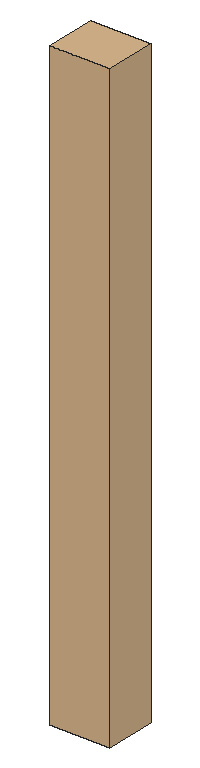
Revit family
Parameters (values of type "200 x 170 x 2020mm")
  URL = ""
  Type Comments = ""
  Model = "CD Holder"
  Material = Wood - Birch
  Manufacturer = "Revit"
  Keynote = "N"
  Description = "CD Holder"
  Cost = 0
  Assembly Code = "E2020200"
Reference planes
  plane 1 "Center (Front/Back)": y = 0
  plane 2: z = 0
  plane 3 "Center (Left/Right)": x = -67.433
  plane 4: x = -167.433
  plane 5: x = 32.567
  plane 6: y = 170
  plane 7: z = 2020
Forms (mm)
  Extrusion 1, solid, material "Wood - Birch" <- "Material"
    sketch origin (0, 0, 0) x (1, 0, 0) y (0, 1, 0)
      loop
        line (-167.433, 170) -> (-167.433, 0) -> (-149.433, 0) -> (-149.433, 170) -> (-167.433, 170)
      loop
        line (32.567, 170) -> (14.567, 170) -> (14.567, 0) -> (32.567, 0) -> (32.567, 170)
    from 0 to 2020
  Extrusion 2, solid, material "Wood - Birch" <- "Material"
    sketch origin (0, -34.484, 0) x (1, 0, 0) y (0, 1, 0)
      loop
        line (-149.433, 52.484) -> (-149.433, 34.484) -> (14.567, 34.484) -> (14.567, 52.484) -> (-149.433, 52.484)
    from 0 to 2020
  Extrusion 3, solid, material "Wood - Birch" <- "Material"
    sketch origin (0, 0, 0) x (1, 0, 0) y (0, 1, 0)
      loop
        line (-149.433, 156.96) -> (-149.433, 141.96) -> (14.567, 141.96) -> (14.567, 156.96) -> (-149.433, 156.96)
    from 0 to 20
  Extrusion 4, solid, material "Wood - Birch" <- "Material"
    sketch origin (0, 0, 0) x (1, 0, 0) y (0, 0, 1)
      loop
        line (-149.433, 2020) -> (-149.433, 2002) -> (14.567, 2002) -> (14.567, 2020) -> (-149.433, 2020)
    from -170 to -18
  Extrusion 5, solid, material "Wood - Birch" <- "Material"
    sketch origin (0, 0, -1982) x (1, 0, 0) y (0, 0, 1)
      loop
        line (-149.433, 2020) -> (-149.433, 2002) -> (14.567, 2002) -> (14.567, 2020) -> (-149.433, 2020)
    from -170 to -18
  Extrusion 6, solid, material "Wood - Birch" <- "Material"
    sketch origin (0, 0, -180.182) x (1, 0, 0) y (0, 0, 1)
      loop
        line (-149.433, 2020) -> (-149.433, 2002) -> (14.567, 2002) -> (14.567, 2020) -> (-149.433, 2020)
    from -170 to -18
  Extrusion 7, solid, material "Wood - Birch" <- "Material"
    sketch origin (0, 0, -360.364) x (1, 0, 0) y (0, 0, 1)
      loop
        line (-149.433, 2020) -> (-149.433, 2002) -> (14.567, 2002) -> (14.567, 2020) -> (-149.433, 2020)
    from -170 to -18
  Extrusion 8, solid, material "Wood - Birch" <- "Material"
    sketch origin (0, 0, -540.545) x (1, 0, 0) y (0, 0, 1)
      loop
        line (-149.433, 2020) -> (-149.433, 2002) -> (14.567, 2002) -> (14.567, 2020) -> (-149.433, 2020)
    from -170 to -18
  Extrusion 9, solid, material "Wood - Birch" <- "Material"
    sketch origin (0, 0, -720.727) x (1, 0, 0) y (0, 0, 1)
      loop
        line (-149.433, 2020) -> (-149.433, 2002) -> (14.567, 2002) -> (14.567, 2020) -> (-149.433, 2020)
    from -170 to -18
  Extrusion 10, solid, material "Wood - Birch" <- "Material"
    sketch origin (0, 0, -900.909) x (1, 0, 0) y (0, 0, 1)
      loop
        line (-149.433, 2020) -> (-149.433, 2002) -> (14.567, 2002) -> (14.567, 2020) -> (-149.433, 2020)
    from -170 to -18
  Extrusion 11, solid, material "Wood - Birch" <- "Material"
    sketch origin (0, 0, -1081.091) x (1, 0, 0) y (0, 0, 1)
      loop
        line (-149.433, 2020) -> (-149.433, 2002) -> (14.567, 2002) -> (14.567, 2020) -> (-149.433, 2020)
    from -170 to -18
  Extrusion 12, solid, material "Wood - Birch" <- "Material"
    sketch origin (0, 0, -1261.273) x (1, 0, 0) y (0, 0, 1)
      loop
        line (-149.433, 2020) -> (-149.433, 2002) -> (14.567, 2002) -> (14.567, 2020) -> (-149.433, 2020)
    from -170 to -18
  Extrusion 13, solid, material "Wood - Birch" <- "Material"
    sketch origin (0, 0, -1441.455) x (1, 0, 0) y (0, 0, 1)
      loop
        line (-149.433, 2020) -> (-149.433, 2002) -> (14.567, 2002) -> (14.567, 2020) -> (-149.433, 2020)
    from -170 to -18
  Extrusion 14, solid, material "Wood - Birch" <- "Material"
    sketch origin (0, 0, -1621.636) x (1, 0, 0) y (0, 0, 1)
      loop
        line (-149.433, 2020) -> (-149.433, 2002) -> (14.567, 2002) -> (14.567, 2020) -> (-149.433, 2020)
    from -170 to -18
  Extrusion 15, solid, material "Wood - Birch" <- "Material"
    sketch origin (0, 0, -1801.818) x (1, 0, 0) y (0, 0, 1)
      loop
        line (-149.433, 2020) -> (-149.433, 2002) -> (14.567, 2002) -> (14.567, 2020) -> (-149.433, 2020)
    from -170 to -18
Cuts and joins
  joined: Extrusion 1, Extrusion 2, Extrusion 4
Lines and regions (mm)
  Masking region 1
    outline origin (0, 0, 0) x (1, 0, 0) y (0, 1, 0)
      loop
        line (-167.433, 170) -> (-167.433, 0) -> (32.567, 0) -> (32.567, 170) -> (-167.433, 170)
  symbolic lines
    curve 1: line (-167.433, 0, 0) -> (32.567, 0, 0)
    curve 2: line (-167.433, 170, 0) -> (-167.433, 0, 0)
    curve 3: line (32.567, 170, 0) -> (-167.433, 170, 0)
    curve 4: line (32.567, 0, 0) -> (32.567, 170, 0)
Dimensions and locks
  equal spacing: plane 4, plane 3 "Center (Left/Right)", plane 5
  locked: plane 4 to plane 5 at 200
  locked: plane 1 "Center (Front/Back)" to plane 6 at 170
  locked: plane 7 to plane 2 at 2020
  aligned and locked: plane 5 to Extrusion 1 sketch curve
  aligned and locked: Extrusion 1 sketch curve to plane 6
  aligned and locked: plane 1 "Center (Front/Back)" to Extrusion 1 sketch curve  (x2)
  aligned and locked: plane 6 to Extrusion 1 sketch curve
  aligned and locked: Extrusion 1 sketch curve to plane 4
  aligned and locked: Extrusion 1 to plane 7
  aligned and locked: Extrusion 1 to Extrusion 2 sketch curve  (x2)
  aligned and locked: Extrusion 2 to plane 7
  aligned and locked: plane 1 "Center (Front/Back)" to Extrusion 2
  aligned and locked: Extrusion 4 to plane 6
  aligned and locked: Extrusion 4 to Extrusion 2
  aligned: plane 4 to Masking region 1 sketch curve
  aligned: plane 1 "Center (Front/Back)" to Masking region 1 sketch curve
Automatic sketch dimensions
  curve 3 to plane 4 = 0 mm
  curve 3 to plane 5 = 0 mm
  curve 1 to plane 1 "Center (Front/Back)" = 0 mm
  curve 3 to plane 6 = 0 mm
  Masking region 1 sketch curve to plane 1 "Center (Front/Back)" = 0 mm
  Masking region 1 sketch curve to plane 4 = 0 mm
  Masking region 1 sketch curve to plane 5 = 0 mm
  Masking region 1 sketch curve to plane 6 = 0 mm
